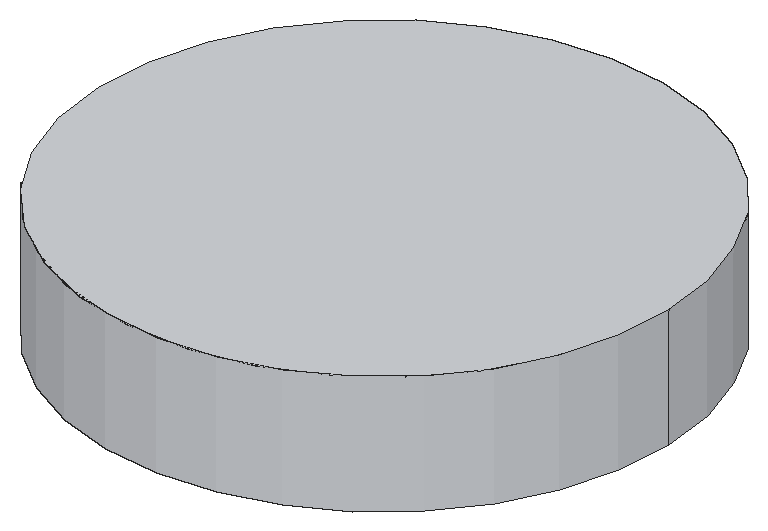
Revit family "WC OLIMPIA RCH 2", category Plumbing Fixtures, Revit 2015
Parameters (values of type "TTR")
  URL = "http://helvex.com/contenido.php?producto=806"
  Type Comments = "Ceramic"
  Total Width = 14.8"
  Total Length = 26.4"
  Total Height = 29.5"
  Model = "TTR"
  Min. Working Pressure = 3.5 psi
  Maximum Consumption = "1.00 gpf"
  Max. Working Pressure = 85.34 psi
  Manufacturer = "HELVEX"
  Instructive = "http://helvex.com/productos/instructivos/TTR.pdf"
  Inlet Threads = "Feeding: Ø15/16\" - 14 NS - 1;  Flush: Couple With Sanitary Flange"
  High Gloss Ceramic = High Gloss Ceramic
  Features = "Sleek Ergonomic Design; Maximum Efficiency; Flat Base; Sturdy Built; Premium Quality High Gloss (A); Exposed Glazed Trapway; Siphon Action Jetted Bowl; Optimum Water Surface; Certified Intake And Flushing Valves; Silent Intake Valve; Sealed Flushing Valve; Flush Valve With Seal; Setting Kit Included; 5-Yr Warranty In Iron Fittings; Saves On Water Consumption; Less Than 1 gpf Consumption"
  Description = "1 gpf Olimpia Discharge Spaces Reduced Ecological With Exposed Trapway"
  Data Sheet = "http://helvex.com/productos/fichas/TTR.pdf"
  Compliance = "NOM-009-CONAGUA-2001"
  Certification = "http://helvex.com/productos/vistas/TTR.pdf"
Reference planes (in)
  plane 1 "Center (Front/Back)": y = 0
  plane 2: z = 0
  plane 3 "Center (Left/Right)": x = 0
  plane 4: y = -12
Forms (in)
  Extrusion 1, solid
    sketch origin (0, -12, 0) x (1, 0, 0) y (0, 1, 0)
      loop
        circle (0, 0) r 2
    from 0 to 0.85097
Dimensions and locks (in)
  locked: plane 4 to plane 1 "Center (Front/Back)" at 12  (x2)
  aligned and locked: level to plane 2
Connectors (in)
  piping at (0, -12, 0), diameter 4
    settings: on Extrusion 1, index 1, connector inside diameter 609.6 mm, connector length 0", flow factor 0, pipe flow 0.0 GPM, pressure drop 0.0 psi, fitting loss kfactor 0, connector angle 0.00°, fixture units 0, engagement length 0", angle of deflection 0.00°, flow configuration 2, flow direction 2, fitting loss method 0, system type 16, joint type 0, gender type 0, connector reference index -1, connector utility 0, adjustable connector no, is connector primary yes, connector description ""
